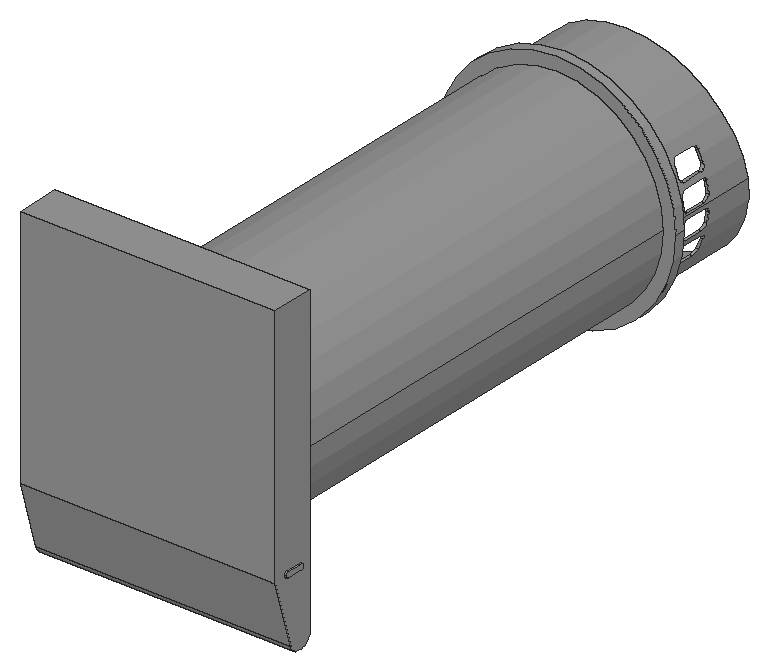
Revit family "Breezy", category Оборудование, Revit 2021
Family settings
  Размер круглого соединителя = Использовать диаметр
  Классификация = Нет
  Тип детали = Нормальный
  На основе рабочей плоскости = Нет
  Всегда вертикально = Да
  При загрузке вырезать с полостями = Нет
  Общий = Нет
  Точка принадлежности помещению = Нет
Parameters (values of type "Breezy 200")
  Рівень звукового тиску на відстані 3 м = "34 дБА"
  Отметка по умолчанию = 0 mm
  Вага = 7.00 kg
  -r = -(Dy / 2 - 25 mm)  # -75 mm
  l = 450 mm
  Voltage = 230 V
  R1 = D1 / 2  # 115 mm
  Pressure_Static_Air [instance] = 0.0 m³/h
  Power = 100 W
  Number of Fase = 1
  Maximum Air Flow = 95.0 m³/h
  Maintenance zone material = none
  Load Classification = "HVAC"
  Grid Material = Cover Grid Cross
  Dy = 200 mm
  Dn = Dy + 5 mm  # 205 mm
  D1 = Dy + 30 mm  # 230 mm
  Casing Material = Металл, окрашенный, синий, матовый RAL 5007
  Air Flow [instance] = 0.0 m³/h
  09_System_Name [instance] = ""
  00_20_Type = "Breezy 200"
  00_20_Name = "Провітрювач"
  00_20_Manufacturer = "Вентс"  # constant formula
  -R1 = -D1 / 2  # -115 mm
Types (3, lengths in mm): name | Рівень звукового тиску на відстані 3 м | Вага | -r | R1 | Maximum Air Flow | Dy | Dn | D1 | 00_20_Type | -R1
  (no name) | "34 дБА" | 7.00 kg | -75 | 115 | 95.0 m³/h | 200 | 205 | 230 | "Breezy 200" | -115
  Breezy 160 | "35 дБА" | 6.50 kg | -55 | 95 | 57.0 m³/h | 160 | 165 | 190 | "Breezy 160" | -95
  Breezy 200 | "34 дБА" | 7.00 kg | -75 | 115 | 95.0 m³/h | 200 | 205 | 230 | "Breezy 200" | -115
Reference planes
  plane 1 "По центру (Вперед/Назад)": y = 0
  plane 2: z = 0
  plane 3 "По центру (Влево/Вправо)": x = 0
Forms (mm)
  Extrusion 1, solid, material "Сталь, нержавеющая, полированная"
    sketch origin (0, 0, 0) x (1, 0, 0) y (0, 0, 1)
      loop
        circle (0, 0) r 102.5
      loop
        circle (0, 0) r 100
    from -225 to 225
  Extrusion 2, solid, material "Пластмасса, непрозрачная, белая"
    sketch origin (0, 0, 0) x (0, 1, 0) y (0, 0, 1)
      loop
        arc (-235, -150.996) -> (-227.929, -148.067) -> (-225, -140.996) r 10
        line (-225, -140.996) -> (-225, 154.004) -> (-267, 154.004) -> (-267, -80.996) -> (-248.138, -143.87)
        arc (-248.138, -143.87) -> (-244.529, -149.019) -> (-238.56, -150.996) r 10
        line (-238.56, -150.996) -> (-235, -150.996)
    from -122.5 to 122.5
  Extrusion 3, solid, material "Пластмасса, непрозрачная, белая"
    sketch origin (0, 0, 0) x (0, 1, 0) y (0, 0, 1)
      loop
        line (-253.5, -80.996) -> (-238.5, -80.996)
        arc (-238.5, -80.996) -> (-236.732, -80.264) -> (-236, -78.496) r 2.5
        arc (-236, -78.496) -> (-236.732, -76.729) -> (-238.5, -75.996) r 2.5
        line (-238.5, -75.996) -> (-253.5, -75.996)
        arc (-253.5, -75.996) -> (-255.268, -76.729) -> (-256, -78.496) r 2.5
        arc (-256, -78.496) -> (-255.268, -80.264) -> (-253.5, -80.996) r 2.5
    from 122.5 to 125
  Extrusion 4, solid, material "Пластмасса, непрозрачная, белая"
    sketch origin (0, 0, 0) x (1, 0, 0) y (0, 0, 1)
      loop
        circle (0, 0) r 115
    from -235 to -225
  Extrusion 5, solid, material "Пластмасса, непрозрачная, белая"
    sketch origin (0, 0, 0) x (1, 0, 0) y (0, 0, 1)
      loop
        circle (0, 0) r 102.5
      loop
        circle (0, 0) r 100
    from -345 to -235
  Extrusion 6, void
    sketch origin (0, 10, 0) x (0, 1, 0) y (0, 0, 1)
      loop
        line (245.366, 27.5) -> (265.366, 27.5)
        arc (265.366, 27.5) -> (268.902, 28.964) -> (270.366, 32.5) r 5
        line (270.366, 32.5) -> (270.366, 42.5)
        arc (270.366, 42.5) -> (268.902, 46.036) -> (265.366, 47.5) r 5
        line (265.366, 47.5) -> (245.366, 47.5)
        arc (245.366, 47.5) -> (241.831, 46.036) -> (240.366, 42.5) r 5
        line (240.366, 42.5) -> (240.366, 32.5)
        arc (240.366, 32.5) -> (241.831, 28.964) -> (245.366, 27.5) r 5
    from -115 <- "-R1" to 115 <- "R1"
  Extrusion 7, void
    sketch origin (0, 10, 0) x (0, 1, 0) y (0, 0, 1)
      loop
        line (245.366, 2.5) -> (265.366, 2.5)
        arc (265.366, 2.5) -> (268.902, 3.964) -> (270.366, 7.5) r 5
        line (270.366, 7.5) -> (270.366, 17.5)
        arc (270.366, 17.5) -> (268.902, 21.036) -> (265.366, 22.5) r 5
        line (265.366, 22.5) -> (245.366, 22.5)
        arc (245.366, 22.5) -> (241.831, 21.036) -> (240.366, 17.5) r 5
        line (240.366, 17.5) -> (240.366, 7.5)
        arc (240.366, 7.5) -> (241.831, 3.964) -> (245.366, 2.5) r 5
    from -115 <- "-R1" to 115 <- "R1"
  Extrusion 8, void
    sketch origin (0, 10, 0) x (0, 1, 0) y (0, 0, 1)
      loop
        arc (245.366, -27.5) -> (241.831, -28.964) -> (240.366, -32.5) r 5
        line (240.366, -32.5) -> (240.366, -42.5)
        arc (240.366, -42.5) -> (241.831, -46.036) -> (245.366, -47.5) r 5
        line (245.366, -47.5) -> (265.366, -47.5)
        arc (265.366, -47.5) -> (268.902, -46.036) -> (270.366, -42.5) r 5
        line (270.366, -42.5) -> (270.366, -32.5)
        arc (270.366, -32.5) -> (268.902, -28.964) -> (265.366, -27.5) r 5
        line (265.366, -27.5) -> (245.366, -27.5)
    from -115 <- "-R1" to 115 <- "R1"
  Extrusion 9, void
    sketch origin (0, 10, 0) x (0, 1, 0) y (0, 0, 1)
      loop
        arc (245.366, -2.5) -> (241.831, -3.964) -> (240.366, -7.5) r 5
        line (240.366, -7.5) -> (240.366, -17.5)
        arc (240.366, -17.5) -> (241.831, -21.036) -> (245.366, -22.5) r 5
        line (245.366, -22.5) -> (265.366, -22.5)
        arc (265.366, -22.5) -> (268.902, -21.036) -> (270.366, -17.5) r 5
        line (270.366, -17.5) -> (270.366, -7.5)
        arc (270.366, -7.5) -> (268.902, -3.964) -> (265.366, -2.5) r 5
        line (265.366, -2.5) -> (245.366, -2.5)
    from -115 <- "-R1" to 115 <- "R1"
  Extrusion 10, void
    sketch origin (0, 0, 0) x (0, 1, 0) y (0, 0, 1)
      loop
        line (345, -102.5) -> (345, 102.5) -> (309, 102.5) -> (345, -102.5)
    from -115 <- "-R1" to 115 <- "R1"
  Extrusion 11, void
    sketch origin (0, 0, 0) x (1, 0, 0) y (0, 1, 0)
      loop
        line (-22.5, 312.892) -> (-22.5, 292.892)
        arc (-22.5, 292.892) -> (-21.036, 289.357) -> (-17.5, 287.892) r 5
        line (-17.5, 287.892) -> (-7.5, 287.892)
        arc (-7.5, 287.892) -> (-3.964, 289.357) -> (-2.5, 292.892) r 5
        line (-2.5, 292.892) -> (-2.5, 312.892)
        arc (-2.5, 312.892) -> (-3.964, 316.428) -> (-7.5, 317.892) r 5
        line (-7.5, 317.892) -> (-17.5, 317.892)
        arc (-17.5, 317.892) -> (-21.036, 316.428) -> (-22.5, 312.892) r 5
      loop
        line (-47.5, 312.892) -> (-47.5, 292.892)
        arc (-47.5, 292.892) -> (-46.036, 289.357) -> (-42.5, 287.892) r 5
        line (-42.5, 287.892) -> (-32.5, 287.892)
        arc (-32.5, 287.892) -> (-28.964, 289.357) -> (-27.5, 292.892) r 5
        line (-27.5, 292.892) -> (-27.5, 312.892)
        arc (-27.5, 312.892) -> (-28.964, 316.428) -> (-32.5, 317.892) r 5
        line (-32.5, 317.892) -> (-42.5, 317.892)
        arc (-42.5, 317.892) -> (-46.036, 316.428) -> (-47.5, 312.892) r 5
      loop
        line (2.5, 312.892) -> (2.5, 292.892)
        arc (2.5, 292.892) -> (3.964, 289.357) -> (7.5, 287.892) r 5
        line (7.5, 287.892) -> (17.5, 287.892)
        arc (17.5, 287.892) -> (21.036, 289.357) -> (22.5, 292.892) r 5
        line (22.5, 292.892) -> (22.5, 312.892)
        arc (22.5, 312.892) -> (21.036, 316.428) -> (17.5, 317.892) r 5
        line (17.5, 317.892) -> (7.5, 317.892)
        arc (7.5, 317.892) -> (3.964, 316.428) -> (2.5, 312.892) r 5
      loop
        line (27.5, 312.892) -> (27.5, 292.892)
        arc (27.5, 292.892) -> (28.964, 289.357) -> (32.5, 287.892) r 5
        line (32.5, 287.892) -> (42.5, 287.892)
        arc (42.5, 287.892) -> (46.036, 289.357) -> (47.5, 292.892) r 5
        line (47.5, 292.892) -> (47.5, 312.892)
        arc (47.5, 312.892) -> (46.036, 316.428) -> (42.5, 317.892) r 5
        line (42.5, 317.892) -> (32.5, 317.892)
        arc (32.5, 317.892) -> (28.964, 316.428) -> (27.5, 312.892) r 5
    from -115 <- "-R1" to -75 <- "-r"
Cuts and joins
  Extrusion 6, Extrusion 7, Extrusion 8, Extrusion 9, Extrusion 10, Extrusion 11 cuts Extrusion 5
Dimensions and locks
  equal spacing: Extrusion 1, plane 1 "По центру (Вперед/Назад)", Extrusion 1
  "l": Extrusion 1 to Extrusion 1
  Extrusion 2 sketch curve to Extrusion 2 sketch curve = 235 mm
  locked: Extrusion 2 to Extrusion 3 at 2.5
  locked: Extrusion 4 to Extrusion 4 at 10
  Extrusion 4 to Extrusion 5 = 120 mm
  equal spacing: Extrusion 10 sketch curve, level, Extrusion 10 sketch curve
  "Dn": Extrusion 10 sketch curve to Extrusion 10 sketch curve
  "Dn": diameter of Extrusion 1 sketch curve
  "Dy": diameter of Extrusion 1 sketch curve
  "D1": diameter of Extrusion 4 sketch curve
  "Dn": diameter of Extrusion 5 sketch curve
  "Dy": diameter of Extrusion 5 sketch curve
  aligned and locked: level to plane 2
  aligned and locked: Extrusion 2 sketch curve to Extrusion 1
  aligned and locked: Extrusion 4 to Extrusion 1
  aligned and locked: Extrusion 5 to Extrusion 4
Automatic sketch dimensions
  Extrusion 2 sketch curve to Extrusion 2 sketch curve = 10 mm
  Extrusion 2 sketch curve to Extrusion 2 sketch curve = 3.56 mm
  Extrusion 2 sketch curve to level = 143.87 mm
  Extrusion 2 sketch curve to Extrusion 2 sketch curve = 9.578 mm
  Extrusion 2 sketch curve to Extrusion 2 sketch curve = 18.862 mm
  Extrusion 2 sketch curve to Extrusion 2 sketch curve = 7.127 mm
  Extrusion 2 sketch curve to Extrusion 2 sketch curve = 62.873 mm
  Extrusion 3 sketch curve to Extrusion 3 sketch curve = 0 mm  (x4)
  Extrusion 3 sketch curve to level = 75.996 mm
  plane 1 "По центру (Вперед/Назад)" to Extrusion 3 sketch curve = 253.5 mm
  Extrusion 3 sketch curve to Extrusion 3 sketch curve = 15 mm
  Extrusion 3 sketch curve to Extrusion 3 sketch curve = 2.5 mm
  level to Extrusion 6 sketch curve = 42.5 mm
  Extrusion 6 sketch curve to plane 1 "По центру (Вперед/Назад)" = 250.366 mm
  Extrusion 6 sketch curve to Extrusion 6 sketch curve = 5 mm  (x3)
  Extrusion 6 sketch curve to Extrusion 6 sketch curve = 20 mm
  Extrusion 6 sketch curve to Extrusion 6 sketch curve = 0 mm
  Extrusion 6 sketch curve to Extrusion 6 sketch curve = 10 mm
  level to Extrusion 7 sketch curve = 17.5 mm
  Extrusion 7 sketch curve to plane 1 "По центру (Вперед/Назад)" = 250.366 mm
  Extrusion 7 sketch curve to Extrusion 7 sketch curve = 5 mm  (x3)
  Extrusion 7 sketch curve to Extrusion 7 sketch curve = 20 mm
  level to Extrusion 7 sketch curve = 2.5 mm
  Extrusion 7 sketch curve to Extrusion 7 sketch curve = 0 mm
  Extrusion 8 sketch curve to level = 42.5 mm
  Extrusion 8 sketch curve to plane 1 "По центру (Вперед/Назад)" = 250.366 mm
  Extrusion 8 sketch curve to Extrusion 8 sketch curve = 5 mm  (x3)
  Extrusion 8 sketch curve to Extrusion 8 sketch curve = 20 mm
  Extrusion 8 sketch curve to Extrusion 8 sketch curve = 0 mm
  Extrusion 8 sketch curve to Extrusion 8 sketch curve = 10 mm
  Extrusion 9 sketch curve to level = 17.5 mm
  Extrusion 9 sketch curve to plane 1 "По центру (Вперед/Назад)" = 250.366 mm
  Extrusion 9 sketch curve to Extrusion 9 sketch curve = 5 mm  (x3)
  Extrusion 9 sketch curve to Extrusion 9 sketch curve = 20 mm
  Extrusion 9 sketch curve to level = 2.5 mm
  Extrusion 9 sketch curve to Extrusion 9 sketch curve = 0 mm
  Extrusion 11 sketch curve to plane 3 "По центру (Влево/Вправо)" = 47.5 mm
  Extrusion 11 sketch curve to Extrusion 11 sketch curve = 5 mm  (x16)
  Extrusion 11 sketch curve to Extrusion 11 sketch curve = 10 mm  (x6)
  Extrusion 11 sketch curve to plane 3 "По центру (Влево/Вправо)" = 7.5 mm  (x2)
  Extrusion 11 sketch curve to plane 3 "По центру (Влево/Вправо)" = 2.5 mm
  plane 3 "По центру (Влево/Вправо)" to Extrusion 11 sketch curve = 2.5 mm
  Extrusion 11 sketch curve to plane 1 "По центру (Вперед/Назад)" = 287.892 mm
  Extrusion 11 sketch curve to Extrusion 11 sketch curve = 20 mm  (x2)
  Extrusion 11 sketch curve to Extrusion 11 sketch curve = 0 mm  (x2)
  Extrusion 1 sketch curve to Extrusion 1 sketch curve = 0 mm  (x2)
  Extrusion 1 sketch curve to level = 0 mm
  Extrusion 1 sketch curve to plane 3 "По центру (Влево/Вправо)" = 0 mm
  Extrusion 4 sketch curve to level = 0 mm
  Extrusion 4 sketch curve to plane 3 "По центру (Влево/Вправо)" = 0 mm
  Extrusion 5 sketch curve to Extrusion 5 sketch curve = 0 mm  (x2)
  Extrusion 5 sketch curve to level = 0 mm
  Extrusion 5 sketch curve to plane 3 "По центру (Влево/Вправо)" = 0 mm
  Extrusion 10 sketch curve to plane 1 "По центру (Вперед/Назад)" = 309 mm
  Extrusion 10 sketch curve to Extrusion 10 sketch curve = 36 mm
